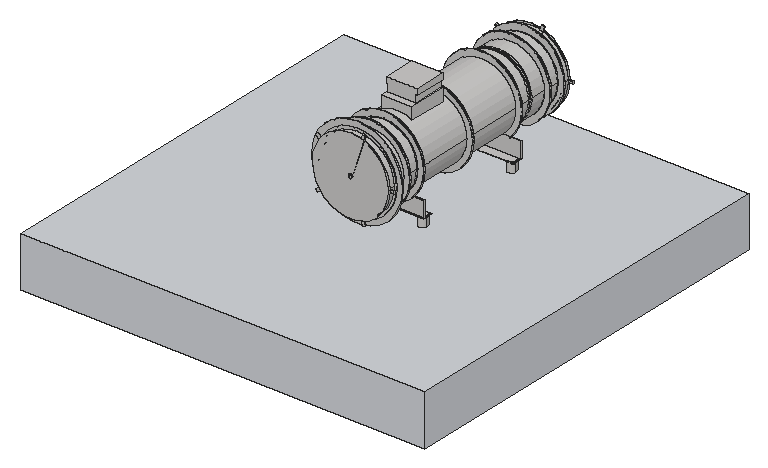
Revit family "HARMANN - REVIT - MAXEE_EC- poziomy", category Wyposażenie mechaniczne, Revit 2025 (continued)
Definition of nested family "HARMANN - Akcesoria - SGE"
  Types (14, lengths in mm): name | Numer artykułu | N1 | Model | C | B2 | B | A2 | A
    SGE 560 | "15407700" | 6 | "SGE 560" | 12.00 | 571.00 | 575.00 | 636.00 | 620.00
    SGE 630 | "15407900" | 7 | "SGE 630" | 12.00 | 637.00 | 641.00 | 706.00 | 690.00
    SGE 710 | "15408300" | 8 | "SGE 710" | 16.00 | 703.00 | 707.00 | 786.00 | 770.00
    SGE 800 | "15951600" | 9 | "SGE 800" | 12.00 | 781.00 | 785.00 | 876.00 | 860.00
    SGE 900 | "15951700" | 10 | "SGE 900" | 15.00 | 881.00 | 885.00 | 986.00 | 970.00
    SGE 1000 | "15951800" | 11 | "SGE 1000" | 15.00 | 981.00 | 985.00 | 1086.00 | 1070.00
    SGE 1120 | "15951900" | 12 | "SGE 1120" | 15.00 | 1101.00 | 1105.00 | 1206.00 | 1190.00
    SGE 1250 | "15952000" | 13 | "SGE 1250" | 15.00 | 1231.00 | 1235.00 | 1336.00 | 1320.00
    SGE 1400 | "16041800" | 14 | "SGE 1400" | 15.00 | 1381.00 | 1385.00 | 1486.00 | 1470.00
  Reference planes
    plane 1 "Center (Front/Back)": y = 0
    plane 2: z = 0
    plane 3 "Center (Left/Right)": x = 0
    plane 4 "Center L/S": y = 15
    plane 5 "Center L/T": y = 7.5
  Forms (mm)
    Sweep 1, solid, detail levels medium+fine
      path origin (0, 0, 0) x (1, 0, 0) y (0, 1, 0)
        loop
          line (0, 0) -> (0, 7.5)
      profile origin (0, 3.75, 0) x (-1, 0, 0) y (0, 0, 1)
        loop
          line (19.472, 4.567) -> (443.807, 312.865)
          arc (443.807, 312.865) -> (439.296, 319.167) -> (434.696, 325.405) r 543
          line (434.696, 325.405) -> (10.361, 17.107)
          arc (10.361, 17.107) -> (16.18, 11.756) -> (19.472, 4.567) r 20
        loop
          arc (-160.408, 518.766) -> (-167.796, 516.424) -> (-175.15, 513.976) r 543
          line (-175.15, 513.976) -> (-13.068, 15.14)
          arc (-13.068, 15.14) -> (-6.18, 19.021) -> (1.673, 19.93) r 20
          line (1.673, 19.93) -> (-160.408, 518.766)
        loop
          arc (-542.945, 7.75) -> (-543, 0) -> (-542.945, -7.75) r 543
          line (-542.945, -7.75) -> (-18.437, -7.75)
          arc (-18.437, -7.75) -> (-20, 0) -> (-18.437, 7.75) r 20
          line (-18.437, 7.75) -> (-542.945, 7.75)
        loop
          arc (-175.15, -513.976) -> (-167.796, -516.424) -> (-160.408, -518.766) r 543
          line (-160.408, -518.766) -> (1.673, -19.93)
          arc (1.673, -19.93) -> (-6.18, -19.021) -> (-13.068, -15.14) r 20
          line (-13.068, -15.14) -> (-175.15, -513.976)
        loop
          arc (434.696, -325.405) -> (439.296, -319.167) -> (443.807, -312.865) r 543
          line (443.807, -312.865) -> (19.472, -4.567)
          arc (19.472, -4.567) -> (16.18, -11.756) -> (10.361, -17.107) r 20
          line (10.361, -17.107) -> (434.696, -325.405)
    Sweep 2, solid, detail levels medium+fine
      path origin (0, 0, 0) x (1, 0, 0) y (0, 1, 0)
        loop
          line (0, 15) -> (0, 7.5)
      profile origin (0, 11.25, 0) x (1, 0, 0) y (0, 0, 1)
        loop
          circle (0, 0) r 12.5
        loop
          circle (0, 0) r 490.5
        loop
          circle (0, 0) r 9.5
    Sweep 3, solid, detail levels coarse
      path origin (0, 0, 0) x (1, 0, 0) y (0, 1, 0)
        loop
          line (0, 0) -> (0, 15)
      profile origin (0, 7.5, 0) x (-1, 0, 0) y (0, 0, 1)
        loop
          circle (0, 0) r 535
  Dimensions and locks
    "C": plane 1 "Center (Front/Back)" to plane 4 "Center L/S"
    equal spacing: plane 1 "Center (Front/Back)", plane 5 "Center L/T", plane 4 "Center L/S"
    "B2": diameter of Sweep 2 sketch curve
    "A": diameter of Sweep 3 sketch curve
    "A2": diameter of Sweep 1 sketch curve  (x5)
    "Średnica wewnętrzna": diameter of Sweep 1 sketch curve  (x5)
    locked: Sweep 1 sketch curve to Sweep 1 sketch curve (angle 72.00°)  (x9)
    aligned and locked: level to plane 2
    aligned and locked: Sweep 1 sketch curve to plane 3 "Center (Left/Right)"
    aligned and locked: plane 4 "Center L/S" to Sweep 2 sketch curve
    aligned and locked: plane 1 "Center (Front/Back)" to Sweep 1 sketch curve
    aligned and locked: plane 1 "Center (Front/Back)" to Sweep 3 sketch curve
    aligned and locked: plane 5 "Center L/T" to Sweep 1 sketch curve
    aligned and locked: plane 5 "Center L/T" to Sweep 2 sketch curve
    aligned and locked: plane 4 "Center L/S" to Sweep 3 sketch curve
  Automatic sketch dimensions
    Sweep 2 sketch curve to plane 3 "Center (Left/Right)" = 0.00 mm
    Sweep 3 sketch curve to plane 3 "Center (Left/Right)" = 0.00 mm
    Sweep 1 sketch curve to Sweep 1 sketch curve = 0.00 mm  (x90)
    Sweep 1 sketch curve to level = 0.00 mm
    Sweep 1 sketch curve to profile plane = 0.00 mm
    profile plane to Sweep 1 sketch curve = 13.068 mm  (x2)
    level to Sweep 1 sketch curve = 7.75 mm
    Sweep 1 sketch curve to level = 7.75 mm
    Sweep 1 sketch curve to Sweep 1 sketch curve = 14.741 mm  (x2)
    Sweep 1 sketch curve to Sweep 1 sketch curve = 8.688 mm  (x2)
    Sweep 1 sketch curve to level = 4.567 mm
    level to Sweep 1 sketch curve = 4.567 mm
    Sweep 2 sketch curve to Sweep 2 sketch curve = 0.00 mm  (x6)
    Sweep 2 sketch curve to level = 0.00 mm
    profile plane to Sweep 2 sketch curve = 0.00 mm
    Sweep 3 sketch curve to level = 0.00 mm
    Sweep 3 sketch curve to profile plane = 0.00 mm
    radius of Sweep 2 sketch curve = 12.50 mm
    radius of Sweep 2 sketch curve = 9.50 mm
Definition of nested family "HARMANN - Akcesoria - FSD"
  Parameters (values of type "FSD 11")
    Numer artykułu = size_lookup(Lookup Table Name, "Numer artykułu", "n/a", N1)  # "16248900"
    N1 = 6 mm
    Model = size_lookup(Lookup Table Name, "Model", "n/a", N1)  # "FSD 11"
    Manufacturer = "Harmann Polska Sp. z o.o."  # constant formula
    Lookup Table Name = "FSD"
    Description = "Stopa montażowa"  # constant formula
    Default Elevation = 0.00 mm
    B = size_lookup(Lookup Table Name, "B", 1.00 mm, N1)  # 70.00 mm
    A = size_lookup(Lookup Table Name, "A", 1.00 mm, N1)  # 94.00 mm
  Types (6, lengths in mm): name | Numer artykułu | N1 | Model | B | A
    FSD 01 | "15549800" | 1 | "FSD 01" | 52.00 | 57.00
    FSD 02 | "15549900" | 2 | "FSD 02" | 52.00 | 57.00
    FSD 03 | "15550000" | 3 | "FSD 03" | 52.00 | 57.00
    FSD 04 | "15550100" | 4 | "FSD 04" | 70.00 | 94.00
    FSD 10 | "16248400" | 5 | "FSD 10" | 70.00 | 94.00
    FSD 11 | "16248900" | 6 | "FSD 11" | 70.00 | 94.00
  Reference planes
    plane 1 "Center (Front/Back)": y = 0
    plane 2: z = 0
    plane 3 "Center (Left/Right)": x = 0
    plane 4: x = -35
    plane 5: x = 35
    plane 6: z = 94
    plane 7: y = -35
    plane 8: y = 35
  Forms (mm)
    Sweep 1, solid
      path origin (0, 0, 0) x (0, 1, 0) y (0, 0, 1)
        loop
          line (0, 94) -> (0, 0)
      profile origin (0, 0, 47) x (1, 0, 0) y (0, 1, 0)
        loop
          circle (0, 0) r 35
  Dimensions and locks
    equal spacing: plane 7, plane 1 "Center (Front/Back)", plane 8
    "B": plane 7 to plane 8
    equal spacing: plane 4, plane 3 "Center (Left/Right)", plane 5
    "B": plane 4 to plane 5
    "A": plane 6 to plane 2
    "B": diameter of Sweep 1 sketch curve
    aligned and locked: level to plane 2
    aligned and locked: plane 1 "Center (Front/Back)" to Sweep 1 sketch curve
    aligned and locked: plane 2 to Sweep 1 sketch curve
    aligned and locked: plane 6 to Sweep 1 sketch curve
  Automatic sketch dimensions
    Sweep 1 sketch curve to plane 3 "Center (Left/Right)" = 0.00 mm
    profile plane to Sweep 1 sketch curve = 0.00 mm
Definition of nested family "HARMANN - Akcesoria - FAL"
  Parameters (values of type "FAL 1250")
    R2 [instance] = 627.50 mm
    Numer artykułu = size_lookup(Lookup Table Name, "Numer artykułu", "n/a", N1)  # "15790100"
    N1 = 13 mm
    Model = size_lookup(Lookup Table Name, "Model", "n/a", N1)  # "FAL 1250"
    Manufacturer = "Harmann Polska Sp. z o.o."  # constant formula
    Lookup Table Name = "FAL"
    Description = "Stopa montażowa do wentylatorów kanałowych MAXEE."
    Default Elevation = 0.00 mm
    D = size_lookup(Lookup Table Name, "D", 1.00 mm, N1)  # 270.00 mm
    C = size_lookup(Lookup Table Name, "C", 1.00 mm, N1)  # 100.00 mm
    A = size_lookup(Lookup Table Name, "A", 1.00 mm, N1)  # 1370.00 mm
  Types (14, lengths in mm): name | R2 | Numer artykułu | N1 | Model | D | C | A
    (no name) | 500.00 | "15790100" | 13 | "FAL 1250" | 270.00 | 100.00 | 1370.00
    FAL 315 | 159.00 | "15480500" | 1 | "FAL 315" | 98.00 | 60.00 | 380.00
    FAL 355 | 220.989 | "15480600" | 2 | "FAL 355" | 99.00 | 60.00 | 420.00
    FAL 400 | 220.989 | "15480700" | 3 | "FAL 400" | 99.00 | 60.00 | 480.00
    FAL 450 | 220.989 | "15480800" | 4 | "FAL 450" | 99.00 | 60.00 | 530.00
    FAL 500 | 220.989 | "15480900" | 5 | "FAL 500" | 99.00 | 70.00 | 590.00
    FAL 560 | 220.989 | "15481000" | 6 | "FAL 560" | 99.00 | 70.00 | 650.00
    FAL 630 | 220.989 | "15481100" | 7 | "FAL 630" | 99.00 | 70.00 | 720.00
    FAL 710 | 220.989 | "15481200" | 8 | "FAL 710" | 119.00 | 70.00 | 810.00
    FAL 800 | 220.989 | "15789700" | 9 | "FAL 800" | 160.00 | 100.00 | 900.00
    FAL 900 | 220.989 | "15789800" | 10 | "FAL 900" | 170.00 | 100.00 | 1010.00
    FAL 1000 | 562.50 | "15789900" | 11 | "FAL 1000" | 250.00 | 100.00 | 1110.00
    FAL 1120 | 220.989 | "15790000" | 12 | "FAL 1120" | 270.00 | 100.00 | 1240.00
    FAL 1250 | 627.50 | "15790100" | 13 | "FAL 1250" | 270.00 | 100.00 | 1370.00
  Reference planes
    plane 1 "Center (Front/Back)": y = 0
    plane 2: z = 0
    plane 3 "Center (Left/Right)": x = 0
    plane 4: x = -685
    plane 5: x = 685
    plane 6: z = 270
    plane 7: y = -100
    plane 8: y = -2
    plane 9: x = -683
    plane 10: x = 683
    plane 11: z = 135
    plane 12: z = 762.5
  Forms (mm)
    Sweep 1, solid
      path origin (0, 0, 0) x (1, 0, 0) y (0, 1, 0)
        loop
          line (685, -100) -> (-685, -100)
      profile origin (0, -100, 0) x (0, -1, 0) y (0, 0, 1)
        loop
          line (-100, 2) -> (-100, 0) -> (0, 0) -> (0, 2) -> (-100, 2)
    Sweep 2, solid
      path origin (0, 0, 0) x (1, 0, 0) y (0, 1, 0)
        loop
          line (0, 0) -> (0, -2)
      profile origin (0, -1, 0) x (1, 0, 0) y (0, 0, 1)
        loop
          line (-685, 270) -> (-685, 2) -> (685, 2) -> (685, 270) -> (388.844, 270)
          arc (388.844, 270) -> (0, 135) -> (-388.844, 270) r 627.5
          line (-388.844, 270) -> (-685, 270)
  Dimensions and locks
    equal spacing: plane 5, plane 3 "Center (Left/Right)", plane 4
    "A": plane 5 to plane 4
    "D": plane 6 to level
    "C": plane 1 "Center (Front/Back)" to plane 7
    locked: Sweep 1 sketch curve to Sweep 1 sketch curve at 2
    locked: plane 8 to plane 1 "Center (Front/Back)" at 2
    locked: plane 4 to plane 9 at 2
    locked: plane 10 to plane 5 at 2
    equal spacing: plane 6, plane 11, level
    "R2": plane 12 to plane 11
    "R2": radius of Sweep 2 sketch curve
    aligned and locked: level to plane 2
    aligned and locked: Sweep 1 sketch curve to plane 7
    aligned and locked: Sweep 1 sketch curve to plane 1 "Center (Front/Back)"
    aligned and locked: Sweep 1 sketch curve to level
    aligned and locked: Sweep 2 sketch curve to plane 3 "Center (Left/Right)"
    aligned and locked: plane 1 "Center (Front/Back)" to Sweep 2 sketch curve
    aligned and locked: plane 8 to Sweep 2 sketch curve
    aligned and locked: Sweep 2 sketch curve to plane 4
    aligned and locked: Sweep 2 sketch curve to Sweep 1
    aligned and locked: Sweep 2 sketch curve to plane 5
    aligned and locked: plane 6 to Sweep 2 sketch curve
    aligned and locked: plane 12 to Sweep 2 sketch curve
    aligned and locked: plane 3 "Center (Left/Right)" to Sweep 2 sketch curve
    aligned and locked: Sweep 2 sketch curve to plane 6
  Automatic sketch dimensions
    Sweep 1 sketch curve to plane 4 = 0.00 mm
    plane 5 to Sweep 1 sketch curve = 0.00 mm
    Sweep 1 sketch curve to profile plane = 0.00 mm
Definition of nested family "HARMANN - Akcesoria - TRA"
  Parameters (values of type "HARMANN - Akcesoria - TRA")
    N1 = 1 mm
    Model = "TRA 1000"
    Lookup Table Name = ""
    Description = "TRA 1000"
    Default Elevation = 0.00 mm
    B = 25.00 mm
    C [instance] = 588.00 mm
    A = 100.00 mm
  Reference planes
    plane 1 "Center (Front/Back)": y = 0
    plane 2: z = 0
    plane 3 "Center (Left/Right)": x = 0
    plane 4: x = -294
    plane 5: x = 294
    plane 6: z = 100
    plane 7: y = -25
    plane 8: x = 219
  Forms (mm)
    Sweep 1, solid
      path origin (0, 0, 0) x (1, 0, 0) y (0, 1, 0)
        loop
          line (294, 0) -> (-294, 0)
      profile origin (0, 0, 0) x (0, -1, 0) y (0, 0, 1)
        loop
          line (0, 0) -> (25, 0) -> (25, 2) -> (2, 2) -> (2, 98) -> (25, 98) -> (25, 100) -> (0, 100) -> (0, 0)
  Dimensions and locks
    equal spacing: plane 5, plane 3 "Center (Left/Right)", plane 4
    "C": plane 5 to plane 4
    "A": plane 6 to level
    "B": plane 1 "Center (Front/Back)" to plane 7
    locked: Sweep 1 sketch curve to level at 2
    locked: plane 6 to Sweep 1 sketch curve at 2
    locked: plane 1 "Center (Front/Back)" to Sweep 1 sketch curve at 2
    aligned and locked: level to plane 2
    aligned and locked: plane 4 to Sweep 1 sketch curve
    aligned and locked: plane 5 to Sweep 1 sketch curve
    aligned and locked: Sweep 1 sketch curve to plane 1 "Center (Front/Back)"  (x2)
    aligned and locked: Sweep 1 sketch curve to plane 2
    aligned and locked: Sweep 1 sketch curve to plane 6
    aligned and locked: Sweep 1 sketch curve to plane 7
  Automatic sketch dimensions
    Sweep 1 sketch curve to Sweep 1 sketch curve = 23.00 mm
Types (5, lengths in mm): name | Zasilanie natężenie maksymalne Imax | Zasilanie Moc maksymalna Pmax | Wysokość FAL | Wysokość | R2 | Numer artykułu | Długość RVS SPR | Długość RVK H SPR | Długość RVK H | Długość EXP od strony tłoczonej SPR | Długość EXP SPR | Długość RAF SPR | Długość ESD SPR | Powietrze ciśnienie statyczne maksymalne dPmax | Powietrze Przepływ Maksymalny Qmax | Obroty nominalne nnom | N1 | Model | Moc akustyczna nominalna obudowa Lwa | Masa | MAXEE_EC | Klasa odporności ogniowej Tmax | F | Długość TRA | Długość RVS | Długość EXP | Długość RAF | Długość MAXEE | Długość ESD | D2 | D | Ciśnienie akustyczne nominalne obudowa Lpa | C | B | Akc SGE dla ESD | Akc SGE | Akc RVS | Akc RVK H | Akc EXP | Akc RAF | Akc FSD | Akc FAL | Akc ESD | A
  MAXEE 315/5100EC | 5 A | 900 W | 98.00 | 116.50 | 157.50 | "15413600" | 383.00 | 233.00 | 233.00 | 120.00 | 120.00 | 48.00 | 79.00 | 390.0 Pa | 5150.0 m³/h | 3010.000 obr./min | 2 | "MAXEE 315/5100EC" | "75 dB(A)" | 18.50 kg | HARMANN - MAXEE : MAXEE 315/5100EC | "Brak" | 396.00 | 719.00 | 383.00 | 120.00 | 48.00 | 383.00 | 79.00 | 321.00 | 315.00 | "68 dB(A)" | 355.00 | 383.00 | HARMANN - Akcesoria - SGE : SGE 355 | HARMANN - Akcesoria - SGE : SGE 315 | HARMANN - Akcesoria - RVS : RVS 315 | HARMANN - Akcesoria - RVK H : RVK H 315 | HARMANN - Akcesoria - EXP : EXP 315 | HARMANN - Akcesoria - RAF : RAF 315 | HARMANN - Akcesoria - FSD : FSD 01 | HARMANN - Akcesoria - FAL : FAL 315 | HARMANN - Akcesoria - ESD : ESD 315 | 380.00
  MAXEE 355/7100EC | 8.5 A | 1648 W | 99.00 | 136.00 | 177.50 | "15412700" | 368.00 | 233.00 | 233.00 | 120.00 | 120.00 | 48.00 | 89.00 | 500.0 Pa | 7155.0 m³/h | 3000.000 obr./min | 4 | "MAXEE 355/7100EC" | "79 dB(A)" | 22.20 kg | HARMANN - MAXEE : MAXEE 355/7100EC | "brak" | 396.00 | 704.00 | 368.00 | 120.00 | 48.00 | 383.00 | 89.00 | 361.00 | 355.00 | "72 dB(A)" | 395.00 | 383.00 | HARMANN - Akcesoria - SGE : SGE 400 | HARMANN - Akcesoria - SGE : SGE 355 | HARMANN - Akcesoria - RVS : RVS 355 | HARMANN - Akcesoria - RVK H : RVK H 355 | HARMANN - Akcesoria - EXP : EXP 355 | HARMANN - Akcesoria - RAF : RAF 355 | HARMANN - Akcesoria - FSD : FSD 01 | HARMANN - Akcesoria - FAL : FAL 355 | HARMANN - Akcesoria - ESD : ESD 355 | 420.00
  MAXEE 400/8900EC | 10.3 A | 1460 W | 99.00 | 158.50 | 200.00 | "15409300" | 368.00 | 218.00 | 218.00 | 105.00 | 105.00 | 40.00 | 100.00 | 510.0 Pa | 8900.0 m³/h | 26100.000 obr./min | 6 | "MAXEE 400/8900EC" | "79 dB(A)" | 20.40 kg | HARMANN - MAXEE : MAXEE 400/8900EC | "brak" | 396.00 | 689.00 | 368.00 | 105.00 | 40.00 | 368.00 | 100.00 | 406.00 | 400.00 | "72 dB(A)" | 450.00 | 368.00 | HARMANN - Akcesoria - SGE : SGE 450 | HARMANN - Akcesoria - SGE : SGE 400 | HARMANN - Akcesoria - RVS : RVS 400 | HARMANN - Akcesoria - RVK H : RVK H 400 | HARMANN - Akcesoria - EXP : EXP 400 | HARMANN - Akcesoria - RAF : RAF 400 | HARMANN - Akcesoria - FSD : FSD 02 | HARMANN - Akcesoria - FAL : FAL 400 | HARMANN - Akcesoria - ESD : ESD 400 | 480.00
  MAXEE 450/11100EC | 6 A | 1164 W | 99.00 | 183.50 | 225.00 | "15411300" | 368.00 | 218.00 | 218.00 | 105.00 | 105.00 | 40.00 | 112.00 | 260.0 Pa | 9860.0 m³/h | 1510.000 obr./min | 7 | "MAXEE 450/11100EC" | "67 dB(A)" | 32.80 kg | HARMANN - MAXEE : MAXEE 450/11100EC | "brak" | 396.00 | 689.00 | 368.00 | 105.00 | 40.00 | 368.00 | 112.00 | 456.00 | 450.00 | "60 dB(A)" | 500.00 | 368.00 | HARMANN - Akcesoria - SGE : SGE 500 | HARMANN - Akcesoria - SGE : SGE 450 | HARMANN - Akcesoria - RVS : RVS 450 | HARMANN - Akcesoria - RVK H : RVK H 450 | HARMANN - Akcesoria - EXP : EXP 450 | HARMANN - Akcesoria - RAF : RAF 450 | HARMANN - Akcesoria - FSD : FSD 02 | HARMANN - Akcesoria - FAL : FAL 450 | HARMANN - Akcesoria - ESD : ESD 450 | 530.00
  MAXEE 500/9800EC | 2.5 A | 1820 W | 99.00 | 208.50 | 250.00 | "15411100" | 443.00 | 441.00 | 441.00 | 153.00 | 153.00 | 63.00 | 125.00 | 360.0 Pa | 11640.0 m³/h | 1760.000 obr./min | 9 | "MAXEE 500/4/11600T" | "71 dB(A)" | 38.50 kg | HARMANN - MAXEE : MAXEE 500/9800EC | "brak" | 465.00 | 839.00 | 443.00 | 153.00 | 63.00 | 443.00 | 125.00 | 506.00 | 500.00 | "64 dB(A)" | 560.00 | 443.00 | HARMANN - Akcesoria - SGE : SGE 560 | HARMANN - Akcesoria - SGE : SGE 500 | HARMANN - Akcesoria - RVS : RVS 500 | HARMANN - Akcesoria - RVK H : RVK H 500 | HARMANN - Akcesoria - EXP : EXP 500 | HARMANN - Akcesoria - RAF : RAF 500 | HARMANN - Akcesoria - FSD : FSD 02 | HARMANN - Akcesoria - FAL : FAL 500 | HARMANN - Akcesoria - ESD : ESD 500 | 590.00
